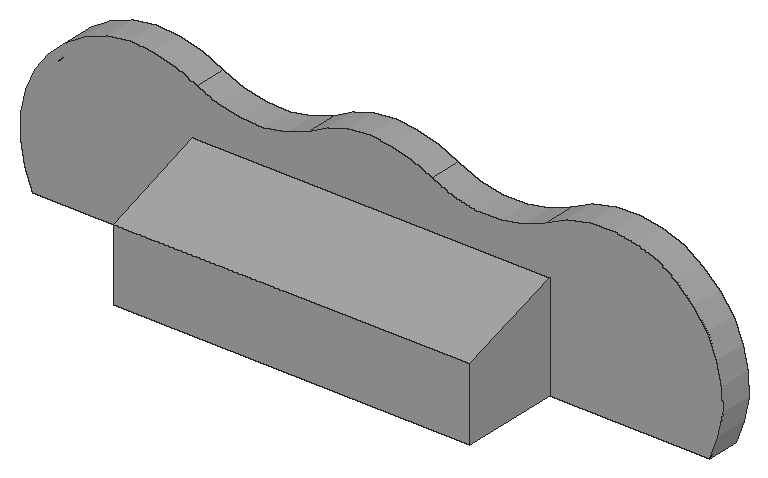
Revit family "AquaWave-Lavatory-3_Station-Willoughby-WAW-2333", category Plumbing Fixtures, Revit 2015
Parameters (values of type "Standard")
  Waste Connection = yes
  Vent Connection = no
  URL = "https://www.willoughby-ind.com/wp-content/uploads/2018/01/WAW-2333.pdf"
  Solid Surface Sink = Solid Surface Acrylic Resin-Willoughby
  Revision = "A"
  Model = "WAW-2333"
  Manufacturer = "Willoughby Industries"
  HW Connection = yes
  Fixture Body = Stainless Steel AISI 304-Willoughby
  Description = "3 Station Aquawave Lavatory"
  DRAIN RAD = DRAIN DIA / 2  # 3/4"
  DRAIN DIA = 1 1/2"
  HW INLET RAD = HW INLET DIA / 2  # 1/4"
  HW INLET DIA = 1/2"
  Default Elevation = 0' - 0"
  Contact Info = "(800) 428-4065"
  CW INLET RAD = CW INLET DIA / 2  # 1/4"
  CW INLET DIA = 1/2"
  CW Connection = yes
Reference planes (in)
  plane 1 "Center (Front/Back)": y = 0
  plane 2: z = 0
  plane 3 "Center (Left/Right)": x = 0
  plane 4: y = 9.5
  plane 5: y = 24
  plane 6: x = 11.25
  plane 7: x = 8
  plane 8: x = 4
  plane 9: x = -11.25
  plane 10: x = -43.2998
  plane 11: x = 43.2998
Forms (in)
  Extrusion 1, solid, material "Solid Surface Acrylic Resin-Willoughby" <- "Solid Surface Sink"
    sketch origin (0, 4.5, 0) x (1, 0, 0) y (0, 0, 1)
      loop
        line (-34.5, 0) -> (34.5, 0) -> (34.5, 5.625)
        arc (34.5, 5.625) -> (31.97695, 10.31739) -> (26.67118, 10.80031) r 5.625
        arc (26.67118, 10.80031) -> (14.88651, 8.37562) -> (3.08627, 10.72344) r 30.33139
        arc (3.08627, 10.72344) -> (0, 11.34273) -> (-3.08627, 10.72344) r 8
        arc (-3.08627, 10.72344) -> (-14.88651, 8.37562) -> (-26.67118, 10.80031) r 30.33139
        arc (-26.67118, 10.80031) -> (-31.97695, 10.31739) -> (-34.5, 5.625) r 5.625
        line (-34.5, 5.625) -> (-34.5, 0)
    from -34 to -33
  Extrusion 2, solid, material "Stainless Steel AISI 304-Willoughby" <- "Fixture Body"
    sketch origin (0, 4.5, 0) x (1, 0, 0) y (0, 0, 1)
      loop
        line (34.5, 0) -> (34.5, 5.625)
        arc (34.5, 5.625) -> (32.44911, 9.72567) -> (27.93786, 10.54438) r 5.125
        arc (27.93786, 10.54438) -> (15.3203, 7.63002) -> (2.61028, 10.11027) r 31.08139
        arc (2.61028, 10.11027) -> (0, 10.6429) -> (-2.61028, 10.11027) r 6.66244
        arc (-2.61028, 10.11027) -> (-15.3203, 7.63002) -> (-27.93786, 10.54438) r 31.08139
        arc (-27.93786, 10.54438) -> (-32.44911, 9.72567) -> (-34.5, 5.625) r 5.125
        line (-34.5, 5.625) -> (-34.5, 0) -> (34.5, 0)
    from -33 to -31
  Extrusion 3, solid, material "Solid Surface Acrylic Resin-Willoughby" <- "Solid Surface Sink"
    sketch origin (0, 4.5, 0) x (1, 0, 0) y (0, 0, 1)
      loop
        line (34.5, 0) -> (34.5, 4.88739)
        arc (34.5, 4.88739) -> (34.33004, 5.69421) -> (33.84904, 6.3639) r 2
        arc (33.84904, 6.3639) -> (30.85963, 7.88982) -> (27.51033, 7.67267) r 6.32928
        arc (27.51033, 7.67267) -> (14.89354, 5.62765) -> (2.22764, 7.34234) r 43.44787
        arc (2.22764, 7.34234) -> (0, 7.65875) -> (-2.22764, 7.34234) r 8
        arc (-2.22764, 7.34234) -> (-14.89354, 5.62765) -> (-27.51033, 7.67267) r 43.44787
        arc (-27.51033, 7.67267) -> (-30.85963, 7.88982) -> (-33.84904, 6.3639) r 6.32928
        arc (-33.84904, 6.3639) -> (-34.33004, 5.69421) -> (-34.5, 4.88739) r 2
        line (-34.5, 4.88739) -> (-34.5, 0) -> (34.5, 0)
    from -31 to -29
  Extrusion 4, solid, material "Solid Surface Acrylic Resin-Willoughby" <- "Solid Surface Sink"
    sketch origin (0, 4.5, 0) x (1, 0, 0) y (0, 0, 1)
      loop
        arc (41.65693, 0) -> (38.77276, 17.11916) -> (21.50476, 18.90798) r 14.33677
        arc (21.50476, 18.90798) -> (14.46303, 17.21437) -> (7.42129, 18.90798) r 15.48589
        arc (7.42129, 18.90798) -> (-0.20224, 20.99973) -> (-7.77553, 18.73279) r 14.33677
        arc (-7.77553, 18.73279) -> (-14.66062, 17.21563) -> (-21.50476, 18.90798) r 15.48589
        arc (-21.50476, 18.90798) -> (-38.77276, 17.11916) -> (-41.65693, 0) r 14.33677
        line (-41.65693, 0) -> (41.65693, 0)
    from -29 to -25
  Extrusion 5, void, detail levels fine
    sketch origin (0, 4.5, 0) x (1, 0, 0) y (0, 0, 1)
      loop
        arc (41.80097, 6.00241) -> (37.45343, 16.81559) -> (26.01008, 19.02368) r 12.178
        arc (26.01008, 19.02368) -> (16.39341, 15.9814) -> (6.38086, 17.19992) r 23.7748
        arc (6.38086, 17.19992) -> (-0.09194, 19.00056) -> (-6.54844, 17.14231) r 12.33677
        arc (-6.54844, 17.14231) -> (-16.48162, 15.98976) -> (-26.01008, 19.02368) r 23.7748
        arc (-26.01008, 19.02368) -> (-37.45343, 16.81559) -> (-41.80097, 6.00241) r 12.178
        arc (-41.80097, 6.00241) -> (-39.40794, 3.05577) -> (-35.61219, 3.09524) r 4.36755
        arc (-35.61219, 3.09524) -> (-34.80064, 3.83279) -> (-34.5, 4.88739) r 2
        arc (-34.5, 4.88739) -> (-34.33004, 5.69421) -> (-33.84904, 6.3639) r 2
        arc (-33.84904, 6.3639) -> (-30.85963, 7.88982) -> (-27.51033, 7.67267) r 6.32928
        arc (-27.51033, 7.67267) -> (-14.89354, 5.62765) -> (-2.22764, 7.34234) r 43.44787
        arc (-2.22764, 7.34234) -> (0, 7.65875) -> (2.22764, 7.34234) r 8
        arc (2.22764, 7.34234) -> (14.89354, 5.62765) -> (27.51033, 7.67267) r 43.44787
        arc (27.51033, 7.67267) -> (30.85963, 7.88982) -> (33.84904, 6.3639) r 6.32928
        arc (33.84904, 6.3639) -> (34.33004, 5.69421) -> (34.5, 4.88739) r 2
        arc (34.5, 4.88739) -> (34.80064, 3.83279) -> (35.61219, 3.09524) r 2
        arc (35.61219, 3.09524) -> (39.40794, 3.05577) -> (41.80097, 6.00241) r 4.36755
    from -29 to -25.8795
  Extrusion 6, solid, material "Solid Surface Acrylic Resin-Willoughby" <- "Solid Surface Sink"
    sketch origin (0, 0, 0) x (0, 1, 0) y (0, 0, 1)
      loop
        line (29.5, 0) -> (29.5, 13) -> (17.25, 8.875) -> (17.25, 0) -> (29.5, 0)
    from -21.9375 to 21.9375
  Extrusion 7, solid, detail levels fine
    sketch origin (0, 0, 0) x (1, 0, 0) y (0, 1, 0)
      loop
        circle (11.25, 24) r 0.75
    from 0 to 1.4492
  Extrusion 8, solid, detail levels fine
    sketch origin (-22.5, 0, 0) x (1, 0, 0) y (0, 1, 0)
      loop
        circle (11.25, 24) r 0.75
    from 0 to 1.4492
  Extrusion 9, solid, detail levels fine
    sketch origin (-3.25, 0, 0) x (1, 0, 0) y (0, 1, 0)
      loop
        circle (11.25, 24) r 0.25
    from 0 to 1.4492
  Extrusion 10, solid, detail levels fine
    sketch origin (-7.25, 0, 0) x (1, 0, 0) y (0, 1, 0)
      loop
        circle (11.25, 24) r 0.25
    from 0 to 1.4492
  Extrusion 11, void, detail levels fine
    sketch origin (0, 30.3795, 0) x (1, 0, 0) y (0, 0, 1)
      loop
        circle (11.25, 9.4375) r 1.75
      loop
        circle (-11.25, 9.5) r 1.75
    from 0 to 0.01562
Cuts and joins
  Extrusion 11 cuts Extrusion 1
  Extrusion 11 cuts Extrusion 3
  Extrusion 5, Extrusion 11 cuts Extrusion 4
  Extrusion 11 cuts Extrusion 6
  joined: Extrusion 1, Extrusion 3, Extrusion 4, Extrusion 6
Lines and regions (in)
  symbolic lines
    curve 1: line (43.2998, 29.5, 0) -> (-43.2998, 29.5, 0)
    curve 2: line (-43.2998, 29.5, 0) -> (-43.2998, 33.5, 0)
    curve 3: line (-43.2998, 33.5, 0) -> (43.2998, 33.5, 0)
    curve 4: line (43.2998, 33.5, 0) -> (43.2998, 29.5, 0)
    curve 5: line (20.6875, 29.5, 0) -> (20.6875, 9.5, 0)
    curve 6: line (20.6875, 9.5, 0) -> (-20.6875, 9.5, 0)
    curve 7: line (-20.6875, 9.5, 0) -> (-20.6875, 29.5, 0)
    curve 8: line (-34.5, 33.5, 0) -> (-34.5, 38.5, 0)
    curve 9: line (-34.5, 38.5, 0) -> (34.5, 38.5, 0)
    curve 10: line (34.5, 38.5, 0) -> (34.5, 33.5, 0)
    curve 13: arc (41.65693, 0, 0) -> (38.77276, 0, 17.11916) -> (21.50476, 0, 18.90798) r 14.33677
    curve 14: arc (21.50476, 0, 18.90798) -> (14.46303, 0, 17.21437) -> (7.42129, 0, 18.90798) r 15.48589
    curve 15: arc (7.42129, 0, 18.90798) -> (-0.03697, 0, 21.00069) -> (-7.49524, 0, 18.90798) r 14.33677
    curve 16: arc (-7.49524, 0, 18.90798) -> (-14.5, 0, 17.21969) -> (-21.50476, 0, 18.90798) r 15.37559
    curve 17: arc (-21.50476, 0, 18.90798) -> (-38.77276, 0, 17.11916) -> (-41.65693, 0, 0) r 14.33677
    curve 18: line (-41.65693, 0, 0) -> (41.65693, 0, 0)
    curve 35: line (0, 33.5, 0) -> (0, 33.5, 21.00069)
    curve 36: line (0, 33.5, 21.00069) -> (0, 29.5, 21.00069)
    curve 37: line (0, 29.5, 21.00069) -> (0, 29.5, 0)
    curve 38: line (0, 29.5, 12.25) -> (0, 9.5, 9.4375)
    curve 39: line (0, 9.5, 9.4375) -> (0, 9.5, 0)
    curve 40: line (0, 9.5, 0) -> (0, 38.5, 0)
    curve 41: line (0, 38.5, 0) -> (0, 38.5, 11.34273)
    curve 42: line (0, 38.5, 11.34273) -> (0, 37.5, 11.34273)
    curve 43: line (0, 37.5, 11.34273) -> (0, 37.5, 0)
    curve 44: line (0, 37.5, 10.80031) -> (0, 35.5, 10.80031)
    curve 45: line (0, 35.5, 10.80031) -> (0, 35.5, 0)
    curve 46: line (0, 35.5, 8.02056) -> (0, 33.5, 8.02056)
    curve 47: line (0, 37.5, 10.80031) -> (0, 35.5, 10.80031)
  symbolic lines, detail levels medium+fine
    curve 11: line (34.5, 35.5, 0) -> (-34.5, 35.5, 0)
    curve 12: line (-34.5, 37.5, 0) -> (34.5, 37.5, 0)
    curve 19: line (34.5, 0, 0) -> (34.5, 0, 5.625)
    curve 20: line (-34.5, 0, 0) -> (-34.5, 0, 4.88739)
    curve 21: arc (-34.5, 0, 4.88739) -> (-32.29694, 0, 10.1097) -> (-26.67118, 0, 10.80031) r 5.65698
    curve 22: arc (-26.67118, 0, 10.80031) -> (-14.78765, 0, 8.37546) -> (-2.90412, 0, 10.80031) r 30.33139
    curve 23: arc (-2.90412, 0, 10.80031) -> (0, 0, 11.3929) -> (2.90412, 0, 10.80031) r 7.41244
    curve 24: arc (2.90412, 0, 10.80031) -> (14.78765, 0, 8.37546) -> (26.67118, 0, 10.80031) r 30.33139
    curve 25: arc (26.67118, 0, 10.80031) -> (31.97695, 0, 10.31739) -> (34.5, 0, 5.625) r 5.625
  symbolic lines, detail levels fine
    curve 26: arc (34.5, 0, 4.88739) -> (34.80064, 0, 3.83279) -> (35.61219, 0, 3.09524) r 2
    curve 27: arc (35.61219, 0, 3.09524) -> (39.40794, 0, 3.05577) -> (41.80097, 0, 6.00241) r 4.36755
    curve 28: arc (41.80097, 0, 6.00241) -> (37.45343, 0, 16.81559) -> (26.01008, 0, 19.02368) r 12.178
    curve 29: arc (26.01008, 0, 19.02368) -> (16.39341, 0, 15.9814) -> (6.38086, 0, 17.19992) r 23.7748
    curve 30: arc (6.38086, 0, 17.19992) -> (0, 0, 19.01851) -> (-6.38086, 0, 17.19992) r 12.10351
    curve 31: arc (-6.38086, 0, 17.19992) -> (-16.39341, 0, 15.9814) -> (-26.01008, 0, 19.02368) r 23.7748
    curve 32: arc (-26.01008, 0, 19.02368) -> (-37.45343, 0, 16.81559) -> (-41.80097, 0, 6.00241) r 12.178
    curve 33: arc (-41.80097, 0, 6.00241) -> (-39.40794, 0, 3.05577) -> (-35.61219, 0, 3.09524) r 4.36755
    curve 34: arc (-35.61219, 0, 3.09524) -> (-34.80388, 0, 3.82758) -> (-34.5, 0, 4.87512) r 2.00007
    curve 48: line (0, 35.5, 10.05031) -> (0, 34.71465, 10.05031)
    curve 49: line (0, 34.71465, 10.05031) -> (0, 34, 8.8125)
    curve 50: line (0, 34, 8.8125) -> (0, 35.5, 8.8125)
Dimensions and locks (in)
  locked: plane 4 to plane 1 "Center (Front/Back)" at 9.5
  Extrusion 6 to Extrusion 6 = 3' - 7 7/8"
  locked: plane 1 "Center (Front/Back)" to plane 5 at 24
  plane 1 "Center (Front/Back)" to cut or joined group of Extrusion 1, Extrusion 3, Extrusion 4, Extrusion 5, Extrusion 6, Extrusion 11 = 2' - 9 1/2"
  plane 1 "Center (Front/Back)" to cut or joined group of Extrusion 1, Extrusion 3, Extrusion 4, Extrusion 5, Extrusion 6, Extrusion 11 = 3' - 2 1/2"
  cut or joined group of Extrusion 1, Extrusion 3, Extrusion 4, Extrusion 5, Extrusion 6, Extrusion 11 to cut or joined group of Extrusion 1, Extrusion 3, Extrusion 4, Extrusion 5, Extrusion 6, Extrusion 11 = 0' - 5"
  locked: cut or joined group of Extrusion 1, Extrusion 3, Extrusion 4, Extrusion 5, Extrusion 6, Extrusion 11 to cut or joined group of Extrusion 1, Extrusion 3, Extrusion 4, Extrusion 5, Extrusion 6, Extrusion 11 at 4
  locked: cut or joined group of Extrusion 1, Extrusion 3, Extrusion 4, Extrusion 5, Extrusion 6, Extrusion 11 to plane 4 at 20
  cut or joined group of Extrusion 1, Extrusion 3, Extrusion 4, Extrusion 5, Extrusion 6, Extrusion 11 to cut or joined group of Extrusion 1, Extrusion 3, Extrusion 4, Extrusion 5, Extrusion 6, Extrusion 11 = 3' - 7 7/8"
  locked: cut or joined group of Extrusion 1, Extrusion 3, Extrusion 4, Extrusion 5, Extrusion 6, Extrusion 11 to plane 3 "Center (Left/Right)" at 34.5
  plane 10 to plane 11 = 7' - 2.5996"
  aligned and locked: Extrusion 4 to level
  aligned and locked: cut or joined group of Extrusion 1, Extrusion 3, Extrusion 4, Extrusion 5, Extrusion 6, Extrusion 11 to cut or joined group of Extrusion 1, Extrusion 3, Extrusion 4, Extrusion 5, Extrusion 6, Extrusion 11
Connectors (in)
  piping at (4, 24, 0), diameter 0.5, driven by "HW INLET RAD", driven by "HW Connection"
    settings: on Extrusion 10, index 1, connector inside diameter 1/2", connector length 0' - 0", flow factor 0, pipe flow 0 GPM, pressure drop 0.00 psi, fitting loss kfactor 0, connector angle 0.00°, fixture units 0, engagement length 0' - 0", angle of deflection 0.00°, flow configuration 0, flow direction 1, fitting loss method 0, system type 19, joint type 0, gender type 0, connector reference index -1, connector utility 1, adjustable connector no, is connector primary yes, connector description "Lav HW Supply"
  piping at (8, 24, 0), diameter 0.5, driven by "CW INLET RAD", driven by "CW Connection"
    settings: on Extrusion 9, index 2, connector inside diameter 1/2", connector length 0' - 0", flow factor 0, pipe flow 0 GPM, pressure drop 0.00 psi, fitting loss kfactor 0, connector angle 0.00°, fixture units 0, engagement length 0' - 0", angle of deflection 0.00°, flow configuration 0, flow direction 1, fitting loss method 0, system type 20, joint type 0, gender type 0, connector reference index -1, connector utility 1, adjustable connector no, is connector primary no, connector description "Lav CW Supply"
  piping at (-11.25, 24, 0), diameter 1.5, driven by "DRAIN RAD", driven by "Waste Connection"
    settings: on Extrusion 8, index 3, connector inside diameter 1 1/2", connector length 0' - 0", flow factor 0, pipe flow 0 GPM, pressure drop 0.00 psi, fitting loss kfactor 0, connector angle 0.00°, fixture units 0, engagement length 0' - 0", angle of deflection 0.00°, flow configuration 0, flow direction 2, fitting loss method 0, system type 16, joint type 0, gender type 0, connector reference index -1, connector utility 1, adjustable connector yes, is connector primary no, connector description "Sink Waste"
  piping at (11.25, 24, 0), diameter 1.5, driven by "DRAIN RAD", driven by "Waste Connection"
    settings: on Extrusion 7, index 4, connector inside diameter 1 1/2", connector length 0' - 0", flow factor 0, pipe flow 0 GPM, pressure drop 0.00 psi, fitting loss kfactor 0, connector angle 0.00°, fixture units 0, engagement length 0' - 0", angle of deflection 0.00°, flow configuration 0, flow direction 2, fitting loss method 0, system type 16, joint type 0, gender type 0, connector reference index -1, connector utility 1, adjustable connector yes, is connector primary no, connector description "Sink Waste"
